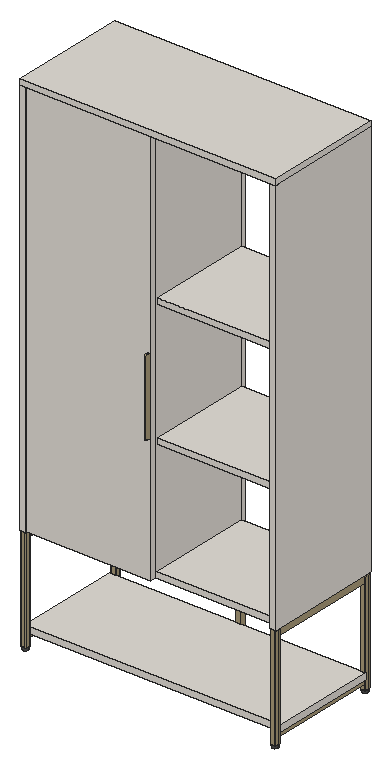
Revit family "Storage-Teknion-LWBOH-Byward_Open_High_Tower-R2022", category Furniture, Revit 2022 (continued)
Dimensions and locks (in)
  aligned and locked: curve 21 to Sweep 4
  aligned and locked: curve 22 to Sweep 4
  aligned and locked: curve 23 to Sweep 13
  aligned and locked: curve 24 to Sweep 13
  aligned and locked: curve 25 to Sweep 13
  aligned and locked: curve 26 to Sweep 13
  aligned and locked: curve 27 to Sweep 14
  aligned and locked: curve 28 to Sweep 14
  aligned and locked: curve 29 to Sweep 14
  aligned and locked: curve 30 to Sweep 14
  aligned and locked: curve 31 to Sweep 14
  aligned and locked: curve 32 to Sweep 14
  aligned and locked: curve 33 to Sweep 14
  aligned and locked: curve 34 to Sweep 14
  aligned and locked: curve 35 to Sweep 9
  aligned and locked: curve 36 to Sweep 9
  aligned and locked: curve 37 to Sweep 9
  aligned and locked: curve 38 to Sweep 9
  aligned and locked: curve 39 to Sweep 10
  aligned and locked: curve 40 to Sweep 10
  aligned and locked: curve 41 to Sweep 10
  aligned and locked: curve 42 to Sweep 10
  aligned and locked: curve 43 to Sweep 10
  aligned and locked: curve 44 to Sweep 10
  aligned and locked: curve 45 to Sweep 10
  aligned and locked: curve 46 to Sweep 10
  aligned and locked: curve 51 to Sweep 8
  aligned and locked: curve 52 to Sweep 8
  aligned and locked: curve 53 to Sweep 8
  aligned and locked: curve 54 to Sweep 8
  aligned and locked: curve 55 to Sweep 18
  aligned and locked: curve 56 to Sweep 18
  aligned and locked: curve 57 to Sweep 18
  aligned and locked: curve 58 to Sweep 3
  aligned and locked: curve 59 to Sweep 3
  aligned and locked: curve 60 to Sweep 3
  aligned and locked: curve 61 to Sweep 3
  aligned and locked: curve 62 to cut or joined group of Sweep 7, Sweep 17
  aligned and locked: curve 63 to cut or joined group of Sweep 7, Sweep 17
  aligned and locked: curve 64 to cut or joined group of Sweep 7, Sweep 17
  aligned and locked: curve 65 to cut or joined group of Sweep 7, Sweep 17
  aligned and locked: curve 66 to cut or joined group of Sweep 7, Sweep 17
  aligned and locked: curve 67 to cut or joined group of Sweep 7, Sweep 17
  aligned and locked: curve 68 to cut or joined group of Sweep 7, Sweep 17
  aligned and locked: curve 69 to cut or joined group of Sweep 7, Sweep 17
  aligned and locked: curve 70 to cut or joined group of Sweep 7, Sweep 17
  aligned and locked: cut or joined group of Sweep 7, Sweep 17 to curve 71
  aligned and locked: curve 73 to Sweep 6
  aligned and locked: curve 75 to Sweep 6
  aligned and locked: curve 77 to Sweep 6
  aligned and locked: curve 79 to Sweep 6
  aligned and locked: curve 81 to Sweep 6
  aligned and locked: curve 83 to Sweep 6
  aligned and locked: curve 85 to Sweep 6
  aligned and locked: curve 87 to Sweep 6
  aligned and locked: curve 89 to Sweep 6
  aligned and locked: curve 91 to Sweep 6
  aligned and locked: curve 93 to Sweep 6
  aligned and locked: curve 95 to Sweep 6
  aligned and locked: curve 97 to Sweep 6
  aligned and locked: plane 2 to Revolve 22 sketch curve
  aligned and locked: plane 2 to Revolve 19 sketch curve
  aligned and locked: curve 98 to Revolve 22
  aligned and locked: curve 99 to Revolve 22
  aligned and locked: curve 100 to Revolve 22
  aligned and locked: curve 101 to Revolve 22
  aligned and locked: Revolve 20 sketch curve to plane 2
  aligned and locked: plane 2 to Revolve 21 sketch curve
  aligned and locked: curve 102 to Revolve 19
  aligned and locked: curve 103 to Revolve 19
  aligned and locked: curve 104 to Revolve 19
  aligned and locked: curve 105 to Revolve 19
  aligned and locked: curve 106 to Revolve 19
  aligned and locked: curve 107 to Revolve 22
  aligned and locked: curve 108 to Revolve 22
  aligned and locked: curve 109 to Revolve 21
  aligned and locked: curve 110 to Revolve 21
  aligned and locked: curve 111 to Revolve 21
  aligned and locked: curve 112 to Revolve 21
  aligned and locked: curve 113 to Revolve 21
  aligned and locked: curve 114 to Revolve 21
  aligned and locked: curve 115 to Revolve 20
  aligned and locked: curve 116 to Revolve 20
  aligned and locked: curve 117 to Revolve 20
  aligned and locked: curve 118 to Revolve 20
  aligned and locked: curve 119 to Revolve 20
  aligned and locked: curve 120 to Revolve 20
  aligned and locked: Sweep 24 sketch curve to plane 3 "Center Left/Right"
  aligned and locked: plane 15 to nested 1
  aligned and locked: plane 16 "Handle Hori. Ref." to nested 1
  aligned and locked: nested 1 to plane 7 "Front"
  aligned and locked: nested 6 to plane 17
  aligned and locked: nested 6 to plane 16 "Handle Hori. Ref."
  aligned and locked: nested 6 to plane 7 "Front"
  aligned and locked: Sweep 30 sketch curve to plane 3 "Center Left/Right"
  aligned and locked: Sweep 26 sketch curve to plane 3 "Center Left/Right"
  aligned and locked: Sweep 29 sketch curve to plane 3 "Center Left/Right"
  aligned and locked: plane 7 "Front" to Sweep 32 sketch curve
  aligned and locked: plane 15 to nested 5
  aligned and locked: nested 5 to plane 16 "Handle Hori. Ref."
  aligned and locked: nested 4 to plane 17
  aligned and locked: plane 16 "Handle Hori. Ref." to nested 4
  aligned and locked: plane 15 to nested 2
  aligned and locked: plane 16 "Handle Hori. Ref." to nested 2
  aligned and locked: nested 3 to plane 17
  aligned and locked: nested 3 to plane 16 "Handle Hori. Ref."
  aligned and locked: Sweep 35 sketch curve to plane 7 "Front"
  aligned and locked: plane 3 "Center Left/Right" to Sweep 36 sketch curve
  aligned and locked: curve 121 to Revolve 23
  aligned and locked: curve 122 to Revolve 23
  aligned and locked: curve 123 to Revolve 23
  aligned and locked: curve 124 to Revolve 23
  aligned and locked: curve 125 to Revolve 23
  aligned and locked: curve 126 to Revolve 23
  aligned and locked: curve 128 to Sweep 30
  aligned and locked: curve 129 to Sweep 30
  aligned and locked: curve 130 to Sweep 30
  aligned and locked: curve 131 to Sweep 30
  aligned and locked: curve 132 to Sweep 26
  aligned and locked: curve 133 to Sweep 26
  aligned and locked: curve 134 to Sweep 26
  aligned and locked: curve 135 to Sweep 26
  aligned and locked: curve 136 to Sweep 26
  aligned and locked: curve 137 to Sweep 26
  aligned and locked: curve 138 to Sweep 26
  aligned and locked: curve 139 to Sweep 26
  aligned and locked: Sweep 27 to curve 140
  aligned and locked: curve 141 to Sweep 28
  aligned and locked: curve 142 to Sweep 27
  aligned and locked: curve 143 to Sweep 28
  aligned and locked: plane 4 "Left" to nested 10
  aligned and locked: nested 10 to plane 6 "Back"
  aligned and locked: nested 7 to plane 6 "Back"
  aligned and locked: nested 7 to plane 5 "Right"
  aligned and locked: plane 7 "Front" to nested 8
  aligned and locked: nested 8 to plane 5 "Right"
  aligned and locked: plane 4 "Left" to nested 9
  aligned and locked: plane 7 "Front" to nested 9
  aligned and locked: plane 1 "Center Front/Back" to nested 11
  aligned and locked: plane 3 "Center Left/Right" to nested 11
  aligned and locked: Revolve 23 sketch curve to level
  aligned and locked: curve 144 to Sweep 1
  aligned and locked: curve 145 to Sweep 1
  aligned and locked: curve 146 to Sweep 1
  aligned and locked: curve 147 to Sweep 1
Automatic sketch dimensions
  profile plane to Sweep 28 sketch curve = 0.00012"  (x2)
  Sweep 28 sketch curve to profile plane = 3.24988"  (x2)
  profile plane to Sweep 28 sketch curve = 0.49997"
  Sweep 28 sketch curve to Sweep 28 sketch curve = 0.038"  (x2)
  profile plane to Sweep 28 sketch curve = 1.18697"
  Sweep 28 sketch curve to Sweep 28 sketch curve = 1.000"  (x2)
  Sweep 28 sketch curve to Sweep 28 sketch curve = 10.00003"
  Sweep 28 sketch curve to Sweep 28 sketch curve = 0.687"
  Sweep 36 sketch curve to plane 6 "Back" = 0.000"
  plane 3 "Center Left/Right" to curve 48 = 0.020"
  curve 50 to curve 55 = 0.020"
  curve 53 to curve 48 = 0.000"
  curve 51 to curve 47 = 0.000"
  curve 142 to curve 138 = 0.00009"
  curve 72 to curve 141 = 0.03583"
  curve 143 to curve 135 = 0.00026"
  curve 15 to curve 72 = 0.029"
  Sweep 6 sketch curve to Sweep 6 sketch curve = 0.0868"  (x4)
  Sweep 6 sketch curve to Sweep 6 sketch curve = 0.0932"  (x4)
  Sweep 6 sketch curve to Sweep 6 sketch curve = 0.0676"  (x2)
  Sweep 6 sketch curve to Sweep 6 sketch curve = 0.0876"  (x2)
  Sweep 6 sketch curve to Sweep 6 sketch curve = 0.0924"  (x2)
  Sweep 6 sketch curve to Sweep 6 sketch curve = 0.1236"  (x2)
  Revolve 19 sketch curve to Revolve 19 sketch curve = 0.040"
  Revolve 19 sketch curve to level = 0.175"
  Revolve 19 sketch curve to Revolve 19 sketch curve = 0.2882"
  Revolve 20 sketch curve to Revolve 20 sketch curve = 0.040"
  Revolve 20 sketch curve to Revolve 20 sketch curve = 0.175"
  Revolve 20 sketch curve to Revolve 20 sketch curve = 0.2882"
  Revolve 21 sketch curve to Revolve 21 sketch curve = 0.040"
  Revolve 21 sketch curve to Revolve 21 sketch curve = 0.175"
  Revolve 21 sketch curve to Revolve 21 sketch curve = 0.2882"
  Revolve 22 sketch curve to Revolve 22 sketch curve = 0.040"
  level to Revolve 22 sketch curve = 0.175"
  Revolve 22 sketch curve to Revolve 22 sketch curve = 0.2882"
  Revolve 23 sketch curve to Revolve 23 sketch curve = 0.040"
  Revolve 23 sketch curve to plane 3 "Center Left/Right" = 0.00082"
  Revolve 23 sketch curve to Revolve 23 sketch curve = 0.175"
  Revolve 23 sketch curve to Revolve 23 sketch curve = 0.2882"
  profile plane to Sweep 26 sketch curve = 0.22515"
  profile plane to Sweep 26 sketch curve = 0.09988"
  Sweep 26 sketch curve to profile plane = 0.09988"
  Sweep 26 sketch curve to profile plane = 0.22515"
  profile plane to Sweep 27 sketch curve = 3.28788"  (x2)
  Sweep 27 sketch curve to Sweep 27 sketch curve = 0.038"  (x2)
  profile plane to Sweep 27 sketch curve = 0.500"
  Sweep 27 sketch curve to profile plane = 0.00012"  (x2)
  Sweep 27 sketch curve to Sweep 27 sketch curve = 1.000"
  profile plane to Sweep 29 sketch curve = 0.22515"
  profile plane to Sweep 29 sketch curve = 0.09988"
  Sweep 29 sketch curve to profile plane = 0.09988"
  Sweep 29 sketch curve to profile plane = 0.22515"
  profile plane to Sweep 32 sketch curve = 0.28769"  (x2)
  plane 5 "Right" to Sweep 34 sketch curve = 0.36287"
  Sweep 35 sketch curve to profile plane = 0.28769"  (x2)
  curve 146 to plane 4 "Left" = 0.000"
  curve 146 to plane 5 "Right" = 0.000"
  plane 7 "Front" to curve 146 = 0.000"
  curve 145 to plane 6 "Back" = 0.000"
Nested families (in)
  nested 1: "Byward Pull Handle" at (0.82993, -7, -30.99901), visible <- "Right Byward Handle", type "Byward Pull"
    with To render please download texture images found here "https://assets.teknion.com/web/5e81352c1dfdb467/revit-material-swatches/", How To Use Teknion Materials User Guide "https://assets.teknion.com/m/205dd0a49fa58060/original/How-to-add-a-Material-Library-and-Texture-Images-to-your-Revit-project.pdf", For Additional Finishes please visit "https://assets.teknion.com/m/44a8009b046e5d47/original/Teknion_Materials_Library.zip"
  nested 2: "Rectangular Pull Handle" at (0.82993, -7, -30.99901), visible <- "Right Rectangular Pull Handle", Handle Paint Finish <- "Metal Leg & Handle Finish", type "Rectangular Pull"
    with To render please download texture images found here "https://assets.teknion.com/web/5e81352c1dfdb467/revit-material-swatches/", How To Use Teknion Materials User Guide "https://assets.teknion.com/m/205dd0a49fa58060/original/How-to-add-a-Material-Library-and-Texture-Images-to-your-Revit-project.pdf", Handle Paint Finish Paint - Teknion - CQ - Accent - Soft Gold, For Additional Finishes please visit "https://assets.teknion.com/m/44a8009b046e5d47/original/Teknion_Materials_Library.zip"
  nested 3: "Rectangular Pull Handle" at (-1.26693, -7, -30.99901) x (-1, 0, 0) z (0, 0, 1), visible <- "Left Rectangular Pull Handle", Handle Paint Finish <- "Metal Leg & Handle Finish", type "Rectangular Pull"
    with To render please download texture images found here "https://assets.teknion.com/web/5e81352c1dfdb467/revit-material-swatches/", How To Use Teknion Materials User Guide "https://assets.teknion.com/m/205dd0a49fa58060/original/How-to-add-a-Material-Library-and-Texture-Images-to-your-Revit-project.pdf", Handle Paint Finish Paint - Teknion - CQ - Accent - Soft Gold, For Additional Finishes please visit "https://assets.teknion.com/m/44a8009b046e5d47/original/Teknion_Materials_Library.zip"
  nested 4: "Modern_Straight_Pull Handle" at (-1.26693, -7, -30.99901), visible <- "Left Modern Straight (ADA) Handle", Handle Paint Finish <- "Metal Leg & Handle Finish", type "Modern Straight Pull"
    with To render please download texture images found here "https://assets.teknion.com/web/5e81352c1dfdb467/revit-material-swatches/", How To Use Teknion Materials User Guide "https://assets.teknion.com/m/205dd0a49fa58060/original/How-to-add-a-Material-Library-and-Texture-Images-to-your-Revit-project.pdf", Handle Paint Finish Paint - Teknion - CQ - Accent - Soft Gold, For Additional Finishes please visit "https://assets.teknion.com/m/44a8009b046e5d47/original/Teknion_Materials_Library.zip"
  nested 5: "Modern_Straight_Pull Handle" at (0.82993, -7, -30.99901) x (-1, 0, 0) z (0, 0, 1), visible <- "Right Modern Straight (ADA) Handle", Handle Paint Finish <- "Metal Leg & Handle Finish", type "Modern Straight Pull"
    with To render please download texture images found here "https://assets.teknion.com/web/5e81352c1dfdb467/revit-material-swatches/", How To Use Teknion Materials User Guide "https://assets.teknion.com/m/205dd0a49fa58060/original/How-to-add-a-Material-Library-and-Texture-Images-to-your-Revit-project.pdf", Handle Paint Finish Paint - Teknion - CQ - Accent - Soft Gold, For Additional Finishes please visit "https://assets.teknion.com/m/44a8009b046e5d47/original/Teknion_Materials_Library.zip"
  nested 6: "Byward Pull Handle" at (-1.26693, -7, -30.99901) x (-1, 0, 0) z (0, 0, 1), visible <- "Left Byward Pull Handle", type "Byward Pull"
    with To render please download texture images found here "https://assets.teknion.com/web/5e81352c1dfdb467/revit-material-swatches/", How To Use Teknion Materials User Guide "https://assets.teknion.com/m/205dd0a49fa58060/original/How-to-add-a-Material-Library-and-Texture-Images-to-your-Revit-project.pdf", For Additional Finishes please visit "https://assets.teknion.com/m/44a8009b046e5d47/original/Teknion_Materials_Library.zip"
  nested 7: "Teknion_2D_Node_Family-R2021" at (14.6565, 7, 0), type "Teknion_2D_Node_Family-R2021"
  nested 8: "Teknion_2D_Node_Family-R2021" at (14.6565, -7, 0), type "Teknion_2D_Node_Family-R2021"
  nested 9: "Teknion_2D_Node_Family-R2021" at (-15.3435, -7, 0), type "Teknion_2D_Node_Family-R2021"
  nested 10: "Teknion_2D_Node_Family-R2021" at (-15.3435, 7, 0), type "Teknion_2D_Node_Family-R2021"
  nested 11: "Teknion_2D_Node_Family-R2021" at (-0.3435, 0, 0), type "Teknion_2D_Node_Family-R2021"
Definition of nested family "Byward Pull Handle"
  Parameters (values of type "Byward Pull")
    Width = 0.000"
    Warranty = "http://www.teknion.com/ca/papers/legal-canada"
    Unit Weight URL = "http://www.teknion.com/ca/tools/assets#&asset=bee6a381-b954-425e-8283-5a2de3a804f2,f828d448-4b62-4231-9e5f-9a8991c0ed77"
    URL = "www.teknion.com"
    To render please download texture images found here [instance] = "https://assets.teknion.com/web/5e81352c1dfdb467/revit-material-swatches/"
    Sustainability Data = "https://www.teknion.com/ca/tools/assets#&topic=216f99a5-57a0-44fc-b10a-9dee9b29ae4c&asset=444deb64-fe58-4b68-981e-f75e97781df7,b4ff2d81-9f2e-437d-9659-7cffb09c31cf"
    Series = ""
    Product Page URL = ""
    Product Line = ""
    Product Documentation Link = ""
    Part Number = ""
    Model = "1"
    Manufacturer Phone = "416-661-3370"  # constant formula
    Manufacturer Fax = "416.661.4586"  # constant formula
    Manufacturer Contact Information = "http://www.teknion.com/ca/contactus"
    Manufacturer Address = "1150 Flint Road, Toronto, ON. M3J 2J5. Canada"  # constant formula
    Manufacturer = "Teknion"  # constant formula
    Length = 0.000"
    How To Use Teknion Materials User Guide [instance] = "https://assets.teknion.com/m/205dd0a49fa58060/original/How-to-add-a-Material-Library-and-Texture-Images-to-your-Revit-project.pdf"
    Height = 63.000"
    Handle Paint Finish = none
    Handle Leather Finish = none
    For Additional Finishes please visit [instance] = "https://assets.teknion.com/m/44a8009b046e5d47/original/Teknion_Materials_Library.zip"
    Depth = 0.000"
    Default Elevation = 0.000"
    Byward Pull Handle = yes
    Assembly Code = "E2020200"
  Reference planes (in)
    plane 1 "Center Front/Back": y = 0
    plane 2: z = 0
    plane 3 "Center Left/Right": x = 0
    plane 4 "Left": x = -51
    plane 5 "Right": x = 51
    plane 6 "Back": y = 41.78173
    plane 7 "Front": y = -41.78173
    plane 8 "Top": z = 63
  Forms (in)
    Sweep 1, solid, material <- "Handle Leather Finish", visible <- "Byward Pull Handle"
      path origin (-23.441, 20.9197, 44.30147) x (0, -1, 0) y (1, 0, 0)
        loop
          line (3, 22.941) -> (3, 23.941)
      profile origin (0, 17.9197, 44.30147) x (0, 1, 0) y (0, 0, 1)
        loop
          line (-18.1947, 15.89549) -> (-18.1947, 15.19814)
          arc (-18.1947, 15.19814) -> (-18.15679, 15.10663) -> (-18.06527, 15.06872) r 0.12943
          line (-18.06527, 15.06872) -> (-18.00913, 15.06872)
          arc (-18.00913, 15.06872) -> (-17.91544, 15.10879) -> (-17.8797, 15.20421) r 0.12956
          line (-17.8797, 15.20421) -> (-17.8797, 15.89549) -> (-17.97813, 15.89549) -> (-17.97813, 15.19814)
          arc (-17.97813, 15.19814) -> (-17.9872, 15.17622) -> (-18.00913, 15.16714) r 0.031
          line (-18.00913, 15.16714) -> (-18.06527, 15.16714)
          arc (-18.06527, 15.16714) -> (-18.0872, 15.17622) -> (-18.09627, 15.19814) r 0.031
          line (-18.09627, 15.19814) -> (-18.09627, 15.89549) -> (-18.11823, 16.46083)
          spline (-18.11823, 16.46083) -> (-18.1996, 17.12545) -> (-18.24784, 17.53202) -> (-18.27391, 17.78142) -> (-18.2887, 17.97395) -> (-18.29939, 18.17376) -> (-18.30725, 18.38749) -> (-18.31302, 18.61667) -> (-18.3155, 18.87083) -> (-18.3067, 19.18701) -> (-18.27717, 19.60814) -> (-18.2175, 20.17714) -> (-18.11823, 20.93695)
          line (-18.11823, 20.93695) -> (-18.0967, 21.50033) -> (-18.0967, 22.1985)
          arc (-18.0967, 22.1985) -> (-18.0875, 22.22072) -> (-18.06527, 22.22992) r 0.03143
          line (-18.06527, 22.22992) -> (-18.00913, 22.22992)
          arc (-18.00913, 22.22992) -> (-17.9869, 22.22072) -> (-17.9777, 22.1985) r 0.03143
          line (-17.9777, 22.1985) -> (-17.9777, 21.50158) -> (-17.8797, 21.50158) -> (-17.8797, 22.18392)
          arc (-17.8797, 22.18392) -> (-17.91216, 22.28504) -> (-18.00913, 22.32835) r 0.1302
          line (-18.00913, 22.32835) -> (-18.06527, 22.32835)
          arc (-18.06527, 22.32835) -> (-18.16224, 22.28504) -> (-18.1947, 22.18392) r 0.1302
          line (-18.1947, 22.18392) -> (-18.1947, 21.51146) -> (-18.21666, 20.93695)
          spline (-18.21666, 20.93695) -> (-18.31592, 20.17714) -> (-18.3756, 19.60814) -> (-18.40512, 19.18701) -> (-18.41393, 18.87083) -> (-18.41145, 18.61667) -> (-18.40567, 18.38749) -> (-18.39782, 18.17376) -> (-18.38713, 17.97395) -> (-18.37234, 17.78142) -> (-18.34627, 17.53202) -> (-18.29802, 17.12545) -> (-18.21666, 16.46083)
          line (-18.21666, 16.46083) -> (-18.1947, 15.89549)
    Sweep 2, solid, material <- "Handle Paint Finish", visible <- "Byward Pull Handle"
      path origin (-23.441, 14.81998, 43.51407) x (1, 0, 0) y (0, 1, 0)
        loop
          line (22.941, -14.77998) -> (22.941, -15.09525) -> (23.941, -15.09525) -> (23.941, -14.77998)
      profile origin (0, -0.27528, 43.51407) x (0, 1, 0) y (0, 0, 1)
        loop
          spline (-0.15539, 22.88984) -> (-0.15002, 22.84517) -> (-0.14562, 22.80093) -> (-0.1422, 22.75711) -> (-0.13975, 22.71372) -> (-0.13828, 22.67076) -> (-0.1378, 22.62822) -> (-0.13828, 22.58611) -> (-0.13975, 22.54443) -> (-0.1422, 22.50318) -> (-0.14562, 22.46235) -> (-0.15002, 22.42195) -> (-0.15539, 22.38198)
          line (-0.15539, 22.38198) -> (-0.09815, 22.38048) -> (-0.09815, 22.30226) -> (-0.02024, 22.30022) -> (-0.02024, 22.97161) -> (-0.09815, 22.96957) -> (-0.09815, 22.89134) -> (-0.15539, 22.88984)
        loop
          spline (-0.15539, 16.59107) -> (-0.15002, 16.5464) -> (-0.14562, 16.50215) -> (-0.1422, 16.45834) -> (-0.13975, 16.41495) -> (-0.13828, 16.37198) -> (-0.1378, 16.32945) -> (-0.13828, 16.28734) -> (-0.13975, 16.24566) -> (-0.1422, 16.20441) -> (-0.14562, 16.16358) -> (-0.15002, 16.12318) -> (-0.15539, 16.08321)
          line (-0.15539, 16.08321) -> (-0.09815, 16.08171) -> (-0.09815, 16.00349) -> (-0.02024, 16.00145) -> (-0.02024, 16.67284) -> (-0.09815, 16.6708) -> (-0.09815, 16.59257) -> (-0.15539, 16.59107)
  Lines and regions (in)
    Masking region 1
      outline origin (-1.575, 0.04, 0) x (1, 0, 0) y (0, 1, 0)
        loop
          line (1.075, -0.53423) -> (2.075, -0.53423) -> (2.075, 0.00078) -> (1.075, 0.00078) -> (1.075, -0.53423)
    Masking region 2
      outline origin (-1.575, 0.04, 0) x (1, 0, 0) y (0, 1, 0)
        loop
          line (0.91961, -0.47067) -> (2.23039, -0.47067) -> (2.23039, 0) -> (2.09524, 0) -> (2.09524, -0.33552) -> (1.05476, -0.33552) -> (1.05476, 0) -> (0.91961, 0) -> (0.91961, -0.47067)
    symbolic lines, detail levels medium+fine
      curve 1: line (-0.5, -0.058, 0) -> (0.5, -0.058, 0)
      curve 2: line (0.5, -0.177, 0) -> (-0.5, -0.177, 0)
      curve 3: line (0.5, -0.19853, 0) -> (-0.5, -0.19853, 0)
      curve 4: line (-0.5, -0.275, 0) -> (0.5, -0.275, 0)
      curve 5: line (-0.59815, 0.04, 0) -> (-0.59815, -0.37343, 0)
      curve 6: line (0.59815, -0.37343, 0) -> (0.59815, 0.04, 0)
      curve 7: line (-0.59815, -0.37343, 0) -> (0.59815, -0.37343, 0)
      curve 8: line (-0.65539, -0.43067, 0) -> (-0.52024, -0.29552, 0)
      curve 9: line (-0.52024, -0.29552, 0) -> (0.52024, -0.29552, 0)
      curve 10: line (0.52024, -0.29552, 0) -> (0.65539, -0.43067, 0)
  Dimensions and locks (in)
    plane 4 "Left" to plane 5 "Right" = 102.000"
    plane 6 "Back" to plane 7 "Front" = 83.56345"
    "Height": plane 8 "Top" to level
    locked: Sweep 1 sketch curve to Sweep 1 sketch curve at 1
    Sweep 2 sketch curve to Sweep 2 sketch curve to Sweep 2 sketch curve = 0.31528", 0.000" locked
    locked: Sweep 2 sketch curve to Sweep 2 sketch curve at 1
    Sweep 1 sketch curve to Sweep 1 sketch curve to Sweep 1 sketch curve to Sweep 1 sketch curve to Sweep 1 sketch curve to Sweep 1 sketch curve to Sweep 1 sketch curve to Sweep 1 sketch curve to Sweep 1 sketch curve to Sweep 1 sketch curve = 0.000" locked, 0.098" locked, 0.00043" locked, 0.11815" locked, 0.00043" locked, 0.02153", 0.07647" locked, 0.000" locked, 0.02196" locked
    Sweep 1 sketch curve to Sweep 1 sketch curve to Sweep 1 sketch curve to Sweep 1 sketch curve to Sweep 1 sketch curve to Sweep 1 sketch curve = 0.09843" locked, 0.72835" locked, 5.60609" locked, 0.72835" locked, 0.09843" locked
    Sweep 2 sketch curve to Sweep 2 sketch curve to Sweep 2 sketch curve to Sweep 2 sketch curve to Sweep 2 sketch curve to Sweep 2 sketch curve to Sweep 2 sketch curve to Sweep 2 sketch curve = 0.000" locked, 0.05725" locked, 0.000" locked, 0.000" locked, 0.000" locked, 0.07791" locked, 0.000" locked
    Sweep 2 sketch curve to Sweep 2 sketch curve to Sweep 2 sketch curve to Sweep 2 sketch curve to Sweep 2 sketch curve to Sweep 2 sketch curve to Sweep 2 sketch curve to Sweep 2 sketch curve = 0.08026" locked, 0.51086" locked, 0.08026" locked, 5.62738" locked, 0.08026" locked, 0.51086" locked, 0.08026" locked
    aligned and locked: level to plane 2
  Automatic sketch dimensions
    plane 3 "Center Left/Right" to Sweep 1 sketch curve = 0.500"
    Sweep 1 sketch curve to plane 1 "Center Front/Back" = 17.9197"
    Sweep 1 sketch curve to Sweep 1 sketch curve = 0.000"  (x9)
    profile plane to Sweep 1 sketch curve = 18.21666"
    Sweep 1 sketch curve to Sweep 1 sketch curve = 0.031"  (x2)
    Sweep 1 sketch curve to Sweep 1 sketch curve = 0.03143"  (x2)
    profile plane to Sweep 1 sketch curve = 15.06872"
    Sweep 1 sketch curve to Sweep 1 sketch curve = 0.00014"
    Sweep 1 sketch curve to Sweep 1 sketch curve = 0.56534"
    Sweep 1 sketch curve to Sweep 1 sketch curve = 0.56462"
    Sweep 1 sketch curve to Sweep 1 sketch curve = 0.00124"
    Sweep 1 sketch curve to Sweep 1 sketch curve = 0.01112"
    Sweep 1 sketch curve to Sweep 1 sketch curve = 0.01457"  (x2)
    Sweep 2 sketch curve to plane 3 "Center Left/Right" = 0.500"
    plane 1 "Center Front/Back" to Sweep 2 sketch curve = 0.27528"
    profile plane to Sweep 2 sketch curve = 0.15539"
    profile plane to Sweep 2 sketch curve = 16.00145"
    Sweep 2 sketch curve to Sweep 2 sketch curve = 0.00204"  (x4)
    Sweep 2 sketch curve to Sweep 2 sketch curve = 0.0015"  (x4)
    Masking region 1 sketch curve to plane 1 "Center Front/Back" = 0.04078"
    Masking region 1 sketch curve to plane 3 "Center Left/Right" = 0.500"
    Masking region 1 sketch curve to Masking region 1 sketch curve = 1.000"
    plane 1 "Center Front/Back" to Masking region 1 sketch curve = 0.49423"
    Masking region 2 sketch curve to plane 1 "Center Front/Back" = 0.040"  (x2)
    Masking region 2 sketch curve to plane 3 "Center Left/Right" = 0.65539"
    plane 1 "Center Front/Back" to Masking region 2 sketch curve = 0.43067"
    Masking region 2 sketch curve to Masking region 2 sketch curve = 1.31079"
    Masking region 2 sketch curve to Masking region 2 sketch curve = 0.13515"  (x3)
    curve 5 to plane 1 "Center Front/Back" = 0.040"
    curve 6 to plane 1 "Center Front/Back" = 0.040"
    curve 7 to plane 3 "Center Left/Right" = 0.59815"
    curve 5 to curve 9 = 0.07791"  (x2)
    curve 8 to curve 6 = 1.11839"
    curve 8 to curve 5 = 0.05725"  (x2)
    curve 8 to curve 4 = 0.02024"
    curve 3 to curve 4 = 0.000"
    curve 2 to curve 3 = 0.000"
    curve 1 to curve 2 = 0.000"  (x2)
    curve 2 to curve 6 = 0.09815"
    curve 4 to curve 2 = 0.000"
    curve 3 to curve 2 = 0.000"
    plane 1 "Center Front/Back" to curve 10 = 0.29552"
    curve 4 to curve 10 = 0.02024"
    plane 1 "Center Front/Back" to curve 10 = 0.43067"
    curve 6 to curve 10 = 0.05725"
    curve 8 to curve 4 = 0.02052"
    curve 4 to curve 3 = 0.07647"
    curve 3 to curve 2 = 0.02153"
    plane 1 "Center Front/Back" to curve 1 = 0.058"
Definition of nested family "Rectangular Pull Handle"
  Parameters (values of type "Rectangular Pull")
    Width = 0.000"
    Warranty = "http://www.teknion.com/ca/papers/legal-canada"
    Unit Weight URL = "http://www.teknion.com/ca/tools/assets#&asset=bee6a381-b954-425e-8283-5a2de3a804f2,f828d448-4b62-4231-9e5f-9a8991c0ed77"
    URL = "www.teknion.com"
    To render please download texture images found here [instance] = "https://assets.teknion.com/web/5e81352c1dfdb467/revit-material-swatches/"
    Sustainability Data = "https://www.teknion.com/ca/tools/assets#&topic=216f99a5-57a0-44fc-b10a-9dee9b29ae4c&asset=444deb64-fe58-4b68-981e-f75e97781df7,b4ff2d81-9f2e-437d-9659-7cffb09c31cf"
    Series = ""
    Rectangular Pull Handle = yes
    Product Page URL = ""
    Product Line = ""
    Product Documentation Link = ""
    Part Number = ""
    Model = "1"
    Manufacturer Phone = "416-661-3370"  # constant formula
    Manufacturer Fax = "416.661.4586"  # constant formula
    Manufacturer Contact Information = "http://www.teknion.com/ca/contactus"
    Manufacturer Address = "1150 Flint Road, Toronto, ON. M3J 2J5. Canada"  # constant formula
    Manufacturer = "Teknion"  # constant formula
    Length = 0.000"
    How To Use Teknion Materials User Guide [instance] = "https://assets.teknion.com/m/205dd0a49fa58060/original/How-to-add-a-Material-Library-and-Texture-Images-to-your-Revit-project.pdf"
    Height = 63.000"
    Handle Paint Finish [instance] = none
    For Additional Finishes please visit [instance] = "https://assets.teknion.com/m/44a8009b046e5d47/original/Teknion_Materials_Library.zip"
    Depth = 0.000"
    Default Elevation = 0.000"
    Byward Pull Handle = yes
    Assembly Code = "E2020200"
  Reference planes (in)
    plane 1 "Center Front/Back": y = 0
    plane 2: z = 0
    plane 3 "Center Left/Right": x = 0
    plane 4 "Left": x = -51
    plane 5 "Right": x = 51
    plane 6 "Back": y = 41.78173
    plane 7 "Front": y = -41.78173
    plane 8 "Top": z = 63
  Forms (in)
    Sweep 1, solid, material <- "Handle Paint Finish", visible <- "Rectangular Pull Handle"
      path origin (11.05826, 4.04, 30.38251) x (1, 0, 0) y (0, 0, 1)
        loop
          line (-10.94639, 36.11749) -> (-10.94639, 29.11749)
      profile origin (0.11187, 4.04, 63) x (0, -1, 0) y (1, 0, 0)
        loop
          line (4.75, -0.11187) -> (4, -0.10533) -> (4, -0.61842) -> (4.75, -0.61187) -> (4.75, -0.11187)
    Sweep 2, void
      path origin (11.05045, 4.03219, 30.38251) x (1, 0, 0) y (0, 0, 1)
        loop
          line (-10.94639, 30.31749) -> (-10.94639, 34.91749)
      profile origin (0.10406, 4.03219, 63) x (-1, 0, 0) y (0, -1, 0)
        loop
          arc (0.54231, 4.68) -> (0.30055, 4.65778) -> (0.08031, 4.55562) r 0.71197
          line (0.08031, 4.55562) -> (0.08031, 3.98293) -> (0.54839, 3.98293) -> (0.54231, 4.68)
  Cuts and joins
    Sweep 2 cuts Sweep 1
  Lines and regions (in)
    Masking region 1
      outline origin (-0.25, 0.04, 0) x (1, 0, 0) y (0, 1, 0)
        loop
          line (-0.25, -0.75) -> (0.25, -0.75) -> (0.25655, 0) -> (-0.25655, 0) -> (-0.25, -0.75)
    symbolic lines, detail levels medium+fine
      curve 1: line (-0.43825, -0.64781, 0) -> (-0.44416, 0.02908, 0)
      curve 2: arc (0.0015, -0.53823, 0) -> (-0.20942, -0.62894, 0) -> (-0.43825, -0.64781, 0) r 0.71197
  Dimensions and locks (in)
    plane 4 "Left" to plane 5 "Right" = 102.000"
    plane 6 "Back" to plane 7 "Front" = 83.56345"
    "Height": plane 8 "Top" to level
    Sweep 1 sketch curve to Sweep 1 sketch curve = 7.000"
    Sweep 2 sketch curve to Sweep 2 sketch curve = 4.600"
    Sweep 1 sketch curve to Sweep 1 sketch curve = 0.500"
    locked: Sweep 2 sketch curve to Sweep 2 sketch curve at 0.462
    Sweep 1 sketch curve to Sweep 1 sketch curve = 0.750"
    Sweep 2 sketch curve to Sweep 2 sketch curve = 0.69932"
    aligned and locked: level to plane 2
    aligned and locked: cut or joined group of Sweep 1, Sweep 2 to Masking region 1 sketch curve
    aligned and locked: Masking region 1 sketch curve to cut or joined group of Sweep 1, Sweep 2
  Automatic sketch dimensions
    plane 3 "Center Left/Right" to Sweep 1 sketch curve = 0.11187"
    Sweep 1 sketch curve to plane 8 "Top" = 3.500"
    profile plane to Sweep 1 sketch curve = 0.10533"
    profile plane to Sweep 1 sketch curve = 4.000"
    profile plane to Sweep 1 sketch curve = 0.11187"
    Sweep 1 sketch curve to Sweep 1 sketch curve = 0.51309"
    plane 3 "Center Left/Right" to Sweep 2 sketch curve = 0.10406"
    Sweep 2 sketch curve to plane 8 "Top" = 2.300"
    Sweep 2 sketch curve to profile plane = 0.08031"
    Sweep 2 sketch curve to Sweep 2 sketch curve = 0.40533"
    Sweep 2 sketch curve to Sweep 2 sketch curve = 0.06275"
    profile plane to Sweep 2 sketch curve = 3.97028"
    Sweep 2 sketch curve to Sweep 2 sketch curve = 0.01265"
    curve 1 to plane 1 "Center Front/Back" = 0.02908"
    plane 1 "Center Front/Back" to curve 1 = 0.64781"
    curve 1 to plane 3 "Center Left/Right" = 0.44416"
    curve 1 to plane 3 "Center Left/Right" = 0.43825"
    curve 2 to plane 1 "Center Front/Back" = 0.0619"
    curve 1 to curve 2 = 0.06257"
    plane 3 "Center Left/Right" to curve 2 = 0.0015"
    plane 3 "Center Left/Right" to Masking region 1 sketch curve = 0.000"
    plane 3 "Center Left/Right" to Masking region 1 sketch curve = 0.00655"
    Masking region 1 sketch curve to plane 3 "Center Left/Right" = 0.500"
    Masking region 1 sketch curve to plane 3 "Center Left/Right" = 0.50655"
Definition of nested family "Modern_Straight_Pull Handle"
  Parameters (values of type "Rectangular Pull")
    Width = 0.000"
    Warranty = "http://www.teknion.com/ca/papers/legal-canada"
    Unit Weight URL = "http://www.teknion.com/ca/tools/assets#&asset=bee6a381-b954-425e-8283-5a2de3a804f2,f828d448-4b62-4231-9e5f-9a8991c0ed77"
    URL = "www.teknion.com"
    To render please download texture images found here [instance] = "https://assets.teknion.com/web/5e81352c1dfdb467/revit-material-swatches/"
    Sustainability Data = "https://www.teknion.com/ca/tools/assets#&topic=216f99a5-57a0-44fc-b10a-9dee9b29ae4c&asset=444deb64-fe58-4b68-981e-f75e97781df7,b4ff2d81-9f2e-437d-9659-7cffb09c31cf"
    Series = ""
    Rectangular Pull Handle = yes
    Product Page URL = ""
    Product Line = ""
    Product Documentation Link = ""
    Part Number = ""
    Model = "1"
    Manufacturer Phone = "416-661-3370"  # constant formula
    Manufacturer Fax = "416.661.4586"  # constant formula
    Manufacturer Contact Information = "http://www.teknion.com/ca/contactus"
    Manufacturer Address = "1150 Flint Road, Toronto, ON. M3J 2J5. Canada"  # constant formula
    Manufacturer = "Teknion"  # constant formula
    Length = 0.000"
    How To Use Teknion Materials User Guide [instance] = "https://assets.teknion.com/m/205dd0a49fa58060/original/How-to-add-a-Material-Library-and-Texture-Images-to-your-Revit-project.pdf"
    Height = 63.000"
    Handle Paint Finish [instance] = none
    For Additional Finishes please visit [instance] = "https://assets.teknion.com/m/44a8009b046e5d47/original/Teknion_Materials_Library.zip"
    Depth = 0.000"
    Default Elevation = 0.000"
    Byward Pull Handle = yes
    Assembly Code = "E2020200"
  Types (2): name
    Rectangular Pull
    Modern Straight Pull
  Reference planes (in)
    plane 1 "Center Front/Back": y = 0
    plane 2: z = 0
    plane 3 "Center Left/Right": x = 0
    plane 4 "Left": x = -5
    plane 5 "Right": x = 5
    plane 6 "Back": y = 5.10138
    plane 7 "Front": y = -5.14862
    plane 8 "Top": z = 63
  Forms (in)
    Sweep 1, solid, material <- "Handle Paint Finish"
      path origin (63, 10.04, 64.57612) x (0, 0, 1) y (0, 1, 0)
        loop
          line (0, -10) -> (0, -11.39862)
      profile origin (63, -0.65931, 64.57612) x (0, 0, 1) y (-1, 0, 0)
        loop
          line (2.02627, 63.23622) -> (-5.1785, 63.23622)
          arc (-5.1785, 63.23622) -> (-5.28984, 63.1901) -> (-5.33596, 63.07877) r 0.15745
          line (-5.33596, 63.07877) -> (-5.33596, 62.92123)
          arc (-5.33596, 62.92123) -> (-5.28984, 62.8099) -> (-5.1785, 62.76378) r 0.15745
          line (-5.1785, 62.76378) -> (2.02627, 62.76378)
          arc (2.02627, 62.76378) -> (2.13761, 62.8099) -> (2.18373, 62.92123) r 0.15745
          line (2.18373, 62.92123) -> (2.18373, 63.07877)
          arc (2.18373, 63.07877) -> (2.13761, 63.1901) -> (2.02627, 63.23622) r 0.15745
    Sweep 2, void
      path origin (70.44961, 0, 64.57113) x (0, 0, 1) y (-1, 0, 0)
        loop
          line (-1.26871, 70.70841) -> (-1.26871, 70.19082)
      profile origin (0, 0, 63.30242) x (0, 0, 1) y (0, -1, 0)
        loop
          line (2.34598, 0.98362) -> (-2.9659, 0.98362)
          arc (-2.9659, 0.98362) -> (-3.17105, 0.89865) -> (-3.25602, 0.6935) r 0.29012
          line (-3.25602, 0.6935) -> (-3.26882, -0.04) -> (2.65402, -0.04) -> (2.64131, 0.6883)
          arc (2.64131, 0.6883) -> (2.55481, 0.89712) -> (2.34598, 0.98362) r 0.29532
  Cuts and joins
    Sweep 2 cuts Sweep 1
  Lines and regions (in)
    Masking region 1
      outline origin (0, 0.04, 0) x (1, 0, 0) y (0, 1, 0)
        loop
          line (-0.23622, 0) -> (-0.23622, -1.39862) -> (0.23622, -1.39862) -> (0.23622, 0) -> (-0.23622, 0)
    symbolic lines, detail levels medium+fine
      curve 1: line (-0.23622, -0.98362, 0) -> (0.23622, -0.98362, 0)
  Dimensions and locks (in)
    plane 4 "Left" to plane 5 "Right" = 10.000"
    plane 6 "Back" to plane 7 "Front" = 10.250"
    "Height": plane 8 "Top" to level
    aligned and locked: level to plane 2
  Automatic sketch dimensions
    Sweep 1 sketch curve to plane 1 "Center Front/Back" = 0.040"
    plane 8 "Top" to Sweep 1 sketch curve = 1.57612"
    Sweep 1 sketch curve to Sweep 1 sketch curve = 1.39862"
    profile plane to Sweep 1 sketch curve = 5.33596"
    Sweep 1 sketch curve to Sweep 1 sketch curve = 0.15745"  (x3)
    Sweep 1 sketch curve to profile plane = 2.02627"
    Sweep 1 sketch curve to Sweep 1 sketch curve = 0.000"
    profile plane to Sweep 1 sketch curve = 62.76378"
    Sweep 1 sketch curve to Sweep 1 sketch curve = 0.15753"
    plane 8 "Top" to Sweep 2 sketch curve = 0.30242"
    plane 3 "Center Left/Right" to Sweep 2 sketch curve = 0.2588"
    Sweep 2 sketch curve to plane 3 "Center Left/Right" = 0.2588"
    Sweep 2 sketch curve to plane 1 "Center Front/Back" = 0.040"
    profile plane to Sweep 2 sketch curve = 3.26882"
    plane 1 "Center Front/Back" to Sweep 2 sketch curve = 0.6935"
    Sweep 2 sketch curve to Sweep 2 sketch curve = 0.0128"
    Sweep 2 sketch curve to Sweep 2 sketch curve = 0.29012"
    Sweep 2 sketch curve to profile plane = 2.34598"
    plane 1 "Center Front/Back" to Sweep 2 sketch curve = 0.6883"
    Sweep 2 sketch curve to Sweep 2 sketch curve = 0.01271"
    plane 4 "Left" to Masking region 1 sketch curve = 4.76378"
    Masking region 1 sketch curve to plane 1 "Center Front/Back" = 0.040"
    plane 3 "Center Left/Right" to Masking region 1 sketch curve = 0.23622"
    Masking region 1 sketch curve to Masking region 1 sketch curve = 1.39862"
    curve 1 to plane 3 "Center Left/Right" = 0.23622"
    plane 3 "Center Left/Right" to curve 1 = 0.23622"
    plane 1 "Center Front/Back" to curve 1 = 0.98362"
Definition of nested family "Teknion_2D_Node_Family-R2021"
  Reference planes (in)
    plane 1 "Center (Front/Back)": y = 0
    plane 2: z = 0
    plane 3 "Center (Left/Right)": x = 0
  Lines and regions (in)
    detail lines, in view "Ref. Level"
      curve 1: circle (0, 0, 0) r 1.25 normal (0, 0, 1)
      curve 2: line (1.91508, -1.91508, 0) -> (-1.91508, 1.91508, 0)
      curve 3: line (-1.91508, -1.91508, 0) -> (1.91508, 1.91508, 0)
Types (3): name | Right Rectangular Pull Handle | Right Casual Drawer | Rectangular Pull Handle | Model | Metal Leg & Handle Finish | Left Journal Pull Handle | Left Casual Drawer | Journal Pull Handle | Description | Depth | Case Finish
  (no name) | no | no | no | "LWBOHJO60_____" | Paint - Teknion - CQ - Accent - Soft Gold | yes | yes | yes | "Byward Open High Tower, Lite Wood Office, Left Coat, Right Open" | 14.000" | Source Laminate - Teknion - XS - Storm White
  Left Open, Right Coat | yes | yes | yes | "LWBOH_____" | Paint - Teknion - Mica - Sepia Bronze | no | no | no | "Byward Open High Tower, Lite Wood Office, Left Open, Right Coat" | 16.000" | Veneer-Teknion-5U-Flintwood-Raw_Umber (Long Grain)
  Left Coat, Right Open | no | no | no | "LWBOHJO60_____" | Paint - Teknion - CQ - Accent - Soft Gold | yes | yes | yes | "Byward Open High Tower, Lite Wood Office, Left Coat, Right Open" | 14.000" | Source Laminate - Teknion - XS - Storm White
